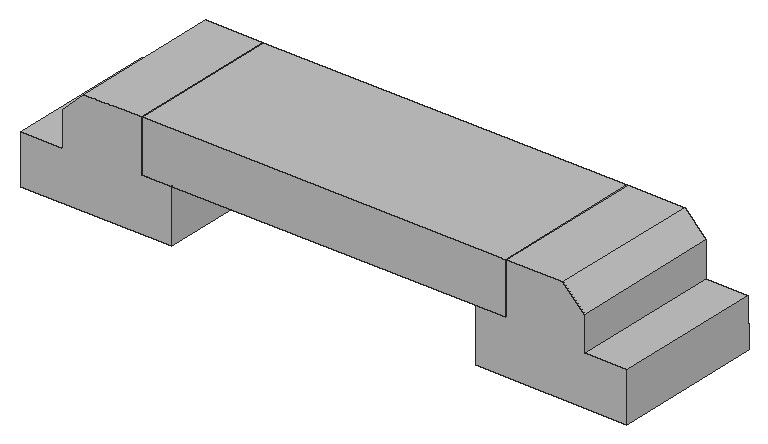
Revit family "Specialty_Equipment-Metal_Raceway-Hubbell_Wiring-Bridge_Fitting-HBL4775DKIT", category Specialty Equipment, host Face, Revit 2015
Parameters (values of type "HBL4775DKITGY")
  URL = "http://www.hubbell-wiring.com/"
  Product data url = "https://bimobject.com/hubbellwiring/product/hubbell-metal-raceway-hbl4750"
  Product Page URL = "http://ecatalog.hubbell-wiring.com/ProductInformation/ViewCatalog.aspx?Dest=hubbell-wiring.com/press/catalog/o.pdf&Page=21"
  Product Documentation Link = "http://www.hubbell-wiring.com/press/pdfs/h5233r08.pdf"
  Model = "HBL4775DKITGY"
  Manufacturer = "Hubbell-Wiring"  # constant formula
  Length Note [instance] = "Cut Channel Base and Cover to Length"  # constant formula
  Host Note = "Add in Plan View; Host to Wall"  # constant formula
  Description = "Bridge Fitting"  # constant formula
  Default Elevation = 0' - 0"
  Cable Tray Material = Metal-Hubbell-Gray Powder Coat
  Bridge Gap [instance] = 1' - 0"
  Assembly Code = "D5090900"
Types (3): name | Model | Cable Tray Material
  (no name) | "HBL4775DKITIV" | Metal-Hubbell-Ivory Powder Coat
  HBL4775DKITIV | "HBL4775DKITIV" | Metal-Hubbell-Ivory Powder Coat
  HBL4775DKITGY | "HBL4775DKITGY" | Metal-Hubbell-Gray Powder Coat
Reference planes (in)
  plane 1 "Center (Front/Back)": y = 0
  plane 2: z = 0
  plane 3 "Center": x = 0
  plane 4 "End of Bridge": x = 6
  plane 5 "Start of Bridge": x = -6
  plane 6: y = 2.5
  plane 7: y = -2.5
  plane 8 "Left Cover Align": x = -8.60024
  plane 9 "Right Cover Align": x = 8.60024
Forms (in)
  Extrusion 1, solid, material "Metal-Hubbell-Gray Powder Coat" <- "Cable Tray Material"
    sketch origin (0, 0, 0) x (1, 0, 0) y (0, 0, 1)
      loop
        line (-7.89314, 3.4675) -> (-8.60024, 2.76039) -> (-8.60024, 1.61464) -> (-10, 1.61464) -> (-10, 0) -> (-5, 0) -> (-5, 1.77) -> (-6, 1.77) -> (-6, 3.4675) -> (-7.89314, 3.4675)
      loop
        line (7.89314, 3.4675) -> (6, 3.4675) -> (6, 1.77) -> (5, 1.77) -> (5, 0) -> (10, 0) -> (10, 1.61464) -> (8.60024, 1.61464) -> (8.60024, 2.76039) -> (7.89314, 3.4675)
    from -2.5 to 2.5
  Extrusion 2, solid, material "Metal-Hubbell-Gray Powder Coat" <- "Cable Tray Material"
    sketch origin (0, 0, 0) x (1, 0, 0) y (0, 0, 1)
      loop
        line (-6, 3.4675) -> (-6, 1.77) -> (6, 1.77) -> (6, 3.4675) -> (-6, 3.4675)
    from -2.5 to 2.5
Lines and regions (in)
  Masking region 1
    outline origin (0, 0, 0) x (1, 0, 0) y (0, 0, 1)
      loop
        line (7.89314, 3.4675) -> (-7.89314, 3.4675) -> (-8.60024, 2.76039) -> (-8.60024, 1.61464) -> (-10, 1.61464) -> (-10, 0) -> (-5, 0) -> (-5, 1.77) -> (5, 1.77) -> (5, 0) -> (10, 0) -> (10, 1.61464) -> (8.60024, 1.61464) -> (8.60024, 2.76039) -> (7.89314, 3.4675)
Dimensions and locks (in)
  "Bridge Gap": plane 5 "Start of Bridge" to plane 4 "End of Bridge"
  equal spacing: plane 5 "Start of Bridge", plane 3 "Center", plane 4 "End of Bridge"
  locked: plane 6 to plane 7 at 5
  locked: plane 8 "Left Cover Align" to plane 5 "Start of Bridge" at 2.60024
  locked: plane 4 "End of Bridge" to plane 9 "Right Cover Align" at 2.60024
  aligned and locked: host face to plane 2
  aligned and locked: level to host face
  aligned and locked: plane 5 "Start of Bridge" to Extrusion 1
  aligned and locked: Extrusion 1 to plane 4 "End of Bridge"
  aligned and locked: Extrusion 1 to host face  (x2)
  aligned and locked: Extrusion 2 sketch curve to Extrusion 1  (x4)
  aligned and locked: plane 6 to Extrusion 1
  aligned and locked: plane 6 to Extrusion 2
  aligned and locked: Extrusion 2 to plane 7
  aligned and locked: Extrusion 1 to plane 7
  aligned and locked: Masking region 1 sketch curve to Extrusion 1  (x13)
  aligned and locked: Extrusion 2 to Masking region 1 sketch curve
Automatic sketch dimensions
  host sketch curve to host sketch curve = 13' - 4.81591"
  host sketch curve to host sketch curve = 8' - 0"
  Extrusion 1 sketch curve to level = 0' - 0"  (x2)
  Extrusion 1 sketch curve to plane 5 "Start of Bridge" = 0' - 0"
  Extrusion 1 sketch curve to plane 4 "End of Bridge" = 0' - 0"
  Extrusion 1 sketch curve to Extrusion 1 sketch curve = 0' - 1.89314"  (x2)
  Extrusion 1 sketch curve to Extrusion 1 sketch curve = 0' - 0.70711"  (x3)
  Extrusion 1 sketch curve to Extrusion 1 sketch curve = 0' - 1.39976"  (x2)
  plane 5 "Start of Bridge" to Extrusion 1 sketch curve = 0' - 1"
  Extrusion 1 sketch curve to plane 4 "End of Bridge" = 0' - 1"
  level to Extrusion 1 sketch curve = 0' - 1.61464"
  Extrusion 1 sketch curve to Extrusion 1 sketch curve = 0' - 1.61464"
  level to Extrusion 1 sketch curve = 0' - 1.77"
  Extrusion 1 sketch curve to Extrusion 1 sketch curve = 0' - 1.77"
  Extrusion 1 sketch curve to Extrusion 1 sketch curve = 0' - 1.14575"  (x2)
  Extrusion 1 sketch curve to Extrusion 1 sketch curve = 0' - 1.6975"
